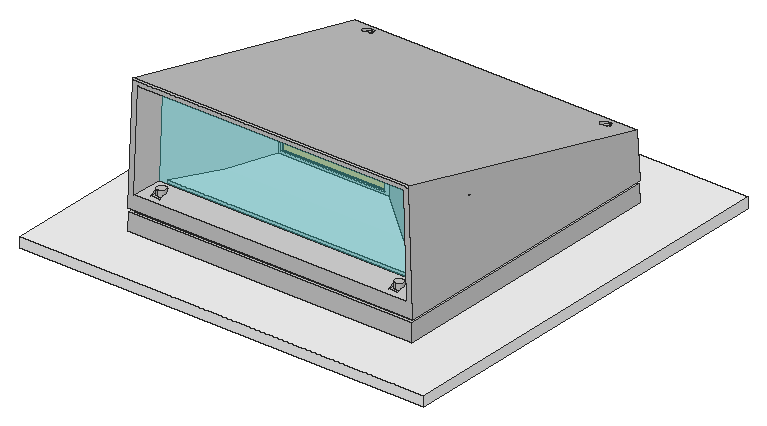
Revit family "BE_33243_de_DE", category Leuchten, Revit 2015
Parameters (values of type "BEGA_33243_Silber_K4")
  built-in parameter 1150104 = 12.045 (stored number, unit not read)
  Wattage = 42.5 W
  Default Elevation = 0 mm
  built-in parameter 1150113 = 1 (stored number, unit not read)
  built-in parameter 1114218 = 1 (stored number, unit not read)
  Umgebungstemperatur = "25 °C"
  URL = "http://www.bega.de/produkt/33243"
  Typenkommentare = "© 2016 BEGA. Wir behalten uns das Recht vor, technische Änderungen ohne vorherige Ankündigung vorzunehmen."  # constant formula
  Type Image = 33243.png
  built-in parameter 1150134 = 12
  built-in parameter 1150109 = 1 (stored number, unit not read)
  Strom = ""
  built-in parameter 1150110 = 1 (stored number, unit not read)
  Spannung = 239.996 V
  Sonderanfertigung = no
  Seriennummer [instance] = "Hier können Sie die eindeutige Seriennummer für das Facility Management eintragen."
  Schutzklasse = "I"
  Schutzart = "IP 65"
  Scheinlast = 0 VA
  Produktdatenblatt = "http://www.bega.de/download/Xrfa/db/33243.db.de.pdf"
  Oberflächentemperatur = ""
  Neigungswinkel = 0.00°
  Modell = "33243AK4"
  Material_18 = BEGA_Gummi_schwarz
  Material_17 = BEGA_Reflektor
  Material_15 = BEGA_Leuchtmedium_matt
  Material_11 = BEGA_Glas_opal
  Material_09 = BEGA_Glas_klar
  Material_06 = BEGA_Oberfläche_Edelstahl_gebürstet
  Material_03 = BEGA_Oberfläche_Weiss_matt
  Material_02 = BEGA_Oberfläche_Silber_matt
  Material_01 [instance] = BEGA_Oberfläche_Grafit_matt
  M_W = no
  M_G = no
  M_A = yes
  Logo = 0
  built-in parameter 1114217 = 1 (stored number, unit not read)
  built-in parameter 1150139 = (empty or 0)
  built-in parameter 1150105 = 438.48 (stored number, unit not read)
  built-in parameter 1150114 = 1 (stored number, unit not read)
  Lumens = 5510.12 lm
  built-in parameter 1150115 = 1 (stored number, unit not read)
  Leuchtenlichtstrom = "4106 lm"
  Leuchtenanzahl = ""
  Lebensdauerkriterien = "L70 = 50.000 h"
  Lastklassifizierung = Beleuchtung
  built-in parameter 1150112 = 1 (stored number, unit not read)
  Lampenlichtstrom = "5510 lm"
  Lampe = "LED 42.5 W"
  LED_Modulbezeichnung = "LED-0315/840"
  built-in parameter 1150142 = (empty or 0)
  Hersteller = "BEGA"  # constant formula
  Halbstreuwinkel = ""
  Gewicht = "3.85 kg"
  Gebrauchslageneinschränkung [instance] = ""
  Frequenz = "0/50-60 Hz"
  Farbwiedergabeindex = "Ra > 80"
  Farbtemperaturverschiebung bei Dämpfen der Lampe = <Keine Auswahl>
  Farbtemperatur = "4000 K"
  Color Filter = 16777215
  built-in parameter 1150133 = 10 (stored number, unit not read)
  Energieeffizienzklasse = "LED A++ - A"
  built-in parameter 1150137 = (empty or 0)
  built-in parameter 1150132 = (empty or 0)
  ENEC = ""
  Dimmbar [instance] = "DALI"
  Datei für fotometrisches Netz = "BE_33243K4.IES"
  CE_Konformität = "ja"
  Bestellnummer = "33243AK4"
  Beschreibung_Sonderanfertigung = "Hier können Sie Informationen zur Sonderanfertigung eintragen."
  Beschreibung = "Wandleuchte"
  built-in parameter 1150106 = 4.3848 (stored number, unit not read)
  Befestigungsbohrung = "Ø 5 mm"
  Befestigungsabstand = "240 mm"
  Ballwurfsicher = ""
  BEGA_Intern_aus = yes
  BEGA_Intern_an = yes
  BEGA_Intern_Konstruktion = yes
  BEGA_Intern = yes
  BEGA_IES = yes
  BEGA_Dummy = no
  Anschlussleitung = ""
  Anschlussleistung [instance] = "48 W"
  built-in parameter 1150107 = 4000 (stored number, unit not read)
  built-in parameter 1150102 = (empty or 0)
  built-in parameter 1150138 = (empty or 0)
  Aktualisierung = "2016-11-14T04:14:35"
  Abstand_zur_angestrahlten_Fläche [instance] = ""
  AC/DC = "AC/DC"
Types (4, lengths in mm): name | built-in parameter 1150104 | built-in parameter 1150134 | Modell | M_G | M_A | built-in parameter 1150105 | Lumens | Leuchtenlichtstrom | Lampenlichtstrom | LED_Modulbezeichnung | Farbtemperatur | Datei für fotometrisches Netz | Bestellnummer | built-in parameter 1150106 | built-in parameter 1150107
  BEGA_33243_Grafit_K4 | 12.045 (stored number, unit not read) | 12 | "33243K4" | yes | no | 438.48 (stored number, unit not read) | 5510.12 lm | "4106 lm" | "5510 lm" | "LED-0315/840" | "4000 K" | "BE_33243K4.IES" | "33243K4" | 4.3848 (stored number, unit not read) | 4000 (stored number, unit not read)
  BEGA_33243_Grafit_K3 | 11.214 (stored number, unit not read) | (empty or 0) | "33243" | yes | no | 408.25 (stored number, unit not read) | 5130.17 lm | "3823 lm" | "5130 lm" | "LED-0315/830" | "3000 K" | "BE_33243.IES" | "33243" | 4.0825 (stored number, unit not read) | 3000 (stored number, unit not read)
  BEGA_33243_Silber_K3 | 11.214 (stored number, unit not read) | (empty or 0) | "33243A" | no | yes | 408.25 (stored number, unit not read) | 5130.17 lm | "3823 lm" | "5130 lm" | "LED-0315/830" | "3000 K" | "BE_33243.IES" | "33243A" | 4.0825 (stored number, unit not read) | 3000 (stored number, unit not read)
  BEGA_33243_Silber_K4 | 12.045 (stored number, unit not read) | 12 | "33243AK4" | no | yes | 438.48 (stored number, unit not read) | 5510.12 lm | "4106 lm" | "5510 lm" | "LED-0315/840" | "4000 K" | "BE_33243K4.IES" | "33243AK4" | 4.3848 (stored number, unit not read) | 4000 (stored number, unit not read)
Reference planes
  plane 1 "Mitte (Vorne/Hinten)": y = 0
  plane 2: z = 0
  plane 3 "Mitte (Links/Rechts)": x = 0
  plane 4 "Links": x = -140.75
  plane 5 "Rechts": x = 140.75
  plane 6 "Unten": y = -140.69
  plane 7 "Oben": y = 140.69
  plane 8 "Vorne": z = 136.287
  plane 9 "Hinten": z = 0
Forms (mm)
  Extrusion 1, solid, material "BEGA_Platte_Weiss"
    sketch origin (0, -1119.2, 0) x (1, 0, 0) y (0, 1, 0)
      loop
        line (-200, 1319.2) -> (-200, 919.2) -> (200, 919.2) -> (200, 1319.2) -> (-200, 1319.2)
    from 0 to -10
  Extrusion 2, solid, material "BEGA_Dummy_matt", visible <- "BEGA_Dummy"
    sketch origin (80.095, -76.023, 0) x (1, 0, 0) y (0, 1, 0)
      loop
        line (-220.845, 216.713) -> (-220.845, -64.667) -> (60.655, -64.667) -> (60.655, 216.713) -> (-220.845, 216.713)
    from 0 to 136.287
Dimensions and locks
  plane 1 "Mitte (Vorne/Hinten)" to Extrusion 1 = 200 mm
  aligned and locked: plane 2 to Extrusion 1
  aligned and locked: level to Extrusion 1
Nested families
  nested 1: "BE_33243" at (0, 0, 0) x (0, 1, 0) z (0, 0, 1), type "BE_33243"
Connectors
  electrical at (0, 0, 0), driven by "Lastklassifizierung", driven by "Spannung", driven by "Scheinlast"
    settings: index 1, voltage 239.996 V, apparent load 0 VA, apparent load phase1 0 VA, apparent load phase2 0 VA, apparent load phase3 0 VA, power factor 1, load classification "Beleuchtung", number of poles 1, system type 31, power factor state 1, is connector primary yes, connector utility no, sub classification motor no, connector description ""
Definition of nested family "BE_33243"
  Parameters (values of type "BE_33243")
    Default Elevation = 1 mm
    URL = "http://www.bega.de/de/produkt"
    Type Comments = "© 2015 BEGA. Wir behalten uns das Recht vor, technische Änderungen ohne vorherige Ankündigung vorzunehmen. "  # constant formula
    Type Image = (empty or 0)
    Material_18 = none
    Material_17 = none
    Material_15 = none
    Material_11 = none
    Material_09 = none
    Material_06 = none
    Material_03 = none
    Material_02 = none
    Material_01 = none
    M_W = yes
    M_G = yes
    M_A = yes
    Länge_Platte = 400 mm  # constant formula
    Höhe_Platte = -10 mm  # constant formula
    Manufacturer = "BEGA"  # constant formula
    Breite_Platte = 400 mm  # constant formula
  Reference planes
    plane 1 "Mitte (Oben/Unten)": y = 0
    plane 2: z = 0
    plane 3 "Mitte (Links/Rechts)": x = 0
    plane 4: x = -140.69
    plane 5: z = 136.287
    plane 6: x = 140.69
    plane 7: y = 140.69
    plane 8: y = -140.69
  Forms (mm)
    Extrusion 1, solid, detail levels medium
      sketch origin (0, 0, 0) x (1, 0, 0) y (0, 1, 0)
        loop
          line (-200, 200) -> (-200, -200) -> (200, -200) -> (200, 200) -> (-200, 200)
      from 0 to -10 <- "Höhe_Platte"
    Extrusion 2, solid, material <- "Material_01", visible <- "M_G", detail levels medium+fine
      sketch origin (0, 0, 0) x (1, 0, 0) y (0, 0, 1)
        loop
          line (-140, 20.076) -> (140, 20.076) -> (138.429, 65.076) -> (-138.751, 136.255)
          arc (-138.751, 136.255) -> (-139.613, 136.077) -> (-140, 135.287) r 1
          line (-140, 135.287) -> (-140, 20.076)
      from -140.75 to 140.75
    Sweep 3, solid, material <- "Material_01", visible <- "M_G", detail levels medium+fine
      path origin (0, 0, 0) x (1, 0, 0) y (0, 1, 0)
        loop
          line (140.69, -140.69) -> (140.69, 140.69) -> (-140.69, 140.69) -> (-140.69, -140.69) -> (140.69, -140.69)
      profile origin (140.69, 0, 0) x (-1, 0, 0) y (0, 0, 1)
        loop
          line (0, 0) -> (2.417, 0) -> (3.187, 11) -> (51.69, 11) -> (51.69, 13.8) -> (17.671, 13.8) -> (17.354, 22.894) -> (4.246, 22.894) -> (4.034, 16.8) -> (0.587, 16.8) -> (0, 0)
    Extrusion 4, void
      sketch origin (0, 0, 0) x (1, 0, 0) y (0, 1, 0)
        loop
          circle (30, 120) r 8.5
        loop
          circle (55.5, 120) r 8.5
        loop
          circle (0, 120) r 5
        loop
          circle (0, -120) r 5
      from 0 to 22.894
    Extrusion 5, void
      sketch origin (0, 0, 0) x (0, 1, 0) y (0, 0, 1)
        loop
          line (-141.388, 1.819) -> (-136.388, 145) -> (-141.388, 145) -> (-141.388, 1.819)
        loop
          line (141.388, 1.819) -> (141.388, 145) -> (136.388, 145) -> (141.388, 1.819)
      from -143.18 to 143.793
    Blend 6, void
      base sketch origin (0, 0, 0) x (0, 1, 0) y (0, 0, 1)
        loop
          line (123.277, 119.287) -> (-123.277, 119.287) -> (-126.001, 41.287) -> (126.001, 41.287) -> (123.277, 119.287)
      top sketch origin (0, 0, 0) x (0, 1, 0) y (0, 0, 1)
        loop
          line (131.828, 132.287) -> (-131.828, 132.287) -> (-135.286, 33.287) -> (135.286, 33.287) -> (131.828, 132.287)
      from -118.675 to -141.282
    Extrusion 7, void
      sketch origin (0, 0, 0) x (1, 0, 0) y (0, 0, 1)
        loop
          line (-120.033, 128.867) -> (-120.033, 16.8) -> (122.367, 16.8) -> (122.367, 66.62) -> (-120.033, 128.867)
      from -135.688 to 135.892
    Extrusion 8, solid, material <- "Material_01", visible <- "M_G", detail levels medium+fine
      sketch origin (0, 0, 0) x (1, 0, 0) y (0, 0, 1)
        loop
          line (-89, 13.8) -> (-89, 11) -> (89, 11) -> (89, 13.8) -> (-89, 13.8)
      from -89 to 89
    Extrusion 9, solid, material <- "Material_09", detail levels medium+fine
      sketch origin (0, 0, 0) x (1, 0, 0) y (0, 0, 1)
        loop
          line (-119.919, 36.9) -> (-115.445, 36.9) -> (-115.445, 126.9) -> (-119.919, 126.9) -> (-119.919, 36.9)
      from -128.291 to 128.295
    Extrusion 10, solid
      sketch origin (0, 0, 0) x (1, 0, 0) y (0, 0, 1)
        loop
          line (-113.048, 123.792) -> (-113.101, 120.792)
          arc (-113.101, 120.792) -> (-86.766, 109.661) -> (-62.554, 94.456) r 177.895
          line (-62.554, 94.456) -> (-62.554, 65.609)
          arc (-62.554, 65.609) -> (-86.766, 50.403) -> (-113.101, 39.273) r 177.895
          line (-113.101, 39.273) -> (-113.048, 36.273) -> (-112.229, 36.273) -> (-112.229, 38.704)
          arc (-112.229, 38.704) -> (-85.935, 49.901) -> (-61.772, 65.164) r 177.895
          line (-61.772, 65.164) -> (-61.772, 94.901)
          arc (-61.772, 94.901) -> (-85.935, 110.164) -> (-112.229, 121.36) r 177.895
          line (-112.229, 121.36) -> (-112.229, 123.792) -> (-113.048, 123.792)
      from -135.688 to 135.892
    Extrusion 11, solid
      sketch origin (0, 0, 0) x (1, 0, 0) y (0, 1, 0)
        loop
          line (-60.25, -51.437) -> (-117.777, -130.437) -> (-117.154, -131.06) -> (-60.25, -52.915) -> (-60.25, -51.437)
        loop
          line (-60.25, 51.437) -> (-60.25, 52.915) -> (-117.154, 131.06) -> (-117.777, 130.437) -> (-60.25, 51.437)
      from 33.741 to 122.182
    Extrusion 12, void
      sketch origin (0, 0, 0) x (1, 0, 0) y (0, 0, 1)
        loop
          line (-110.905, 123.699) -> (-59.697, 96.471) -> (-59.697, 123.699) -> (-110.905, 123.699)
      from -104.078 to 106.602
    Extrusion 13, void
      sketch origin (0, 0, 0) x (1, 0, 0) y (0, 1, 0)
        loop
          line (-56.776, 51.437) -> (-65.494, 51.437) -> (-65.494, -51.437) -> (-56.776, -51.437) -> (-56.776, 51.437)
      from 68.287 to 91.919
    Extrusion 14, solid, material <- "Material_15", detail levels medium+fine
      sketch origin (0, 0, 0) x (1, 0, 0) y (0, 1, 0)
        loop
          line (-61.568, -50.102) -> (-60.485, -50.102) -> (-60.485, 50) -> (-61.568, 50) -> (-61.568, -50.102)
      from 69.509 to 90.812
    Extrusion 15, void
      sketch origin (0, 0, 0) x (1, 0, 0) y (0, 1, 0)
        loop
          arc (-127.853, 112.851) -> (-123.204, 117.5) -> (-127.853, 122.149) r 4.649
          line (-127.853, 122.149) -> (-141.936, 122.149) -> (-141.936, 112.851) -> (-127.853, 112.851)
        loop
          line (-127.853, -112.851) -> (-141.936, -112.851) -> (-141.936, -122.149) -> (-127.853, -122.149)
          arc (-127.853, -122.149) -> (-123.204, -117.5) -> (-127.853, -112.851) r 4.649
      from 35.372 to 44.744
    Extrusion 16, solid, material <- "Material_06", detail levels fine
      sketch origin (0, 0, 0) x (1, 0, 0) y (0, 1, 0)
        loop
          circle (-127.831, -117.5) r 4.25
        loop
          circle (-127.831, 117.5) r 4.25
      from 35.372 to 40.369
    Revolve 17, void
      sketch origin (0, 117.5, 0) x (1, 0, 0) y (0, 0, 1)
        loop
          line (122.883, 69.651) -> (123.2, 60.576) -> (127.8, 60.576) -> (127.8, 68.388) -> (122.883, 69.651)
        axis (127.8, 69.651) -> (127.8, 60.576)
      angle from 0 to 360
    Revolve 18, void
      sketch origin (0, -117.5, 0) x (1, 0, 0) y (0, 0, -1)
        loop
          line (122.883, -69.651) -> (127.8, -68.388) -> (127.8, -60.576) -> (123.2, -60.576) -> (122.883, -69.651)
        axis (127.8, -69.651) -> (127.8, -60.576)
      angle from 0 to 360
    Extrusion 19, solid, material <- "Material_06", detail levels fine
      sketch origin (0, 0, 0) x (1, 0, 0) y (0, 1, 0)
        loop
          circle (127.8, 117.5) r 4.25
        loop
          circle (127.8, -117.5) r 4.25
      from 60.576 to 65.576
    Sweep 20, solid, material <- "Material_02", visible <- "M_A", detail levels medium+fine
      path origin (0, 0, 0) x (1, 0, 0) y (0, 1, 0)
        loop
          line (140.69, -140.69) -> (140.69, 140.69) -> (-140.69, 140.69) -> (-140.69, -140.69) -> (140.69, -140.69)
      profile origin (140.69, 0, 0) x (-1, 0, 0) y (0, 0, 1)
        loop
          line (0, 0) -> (2.417, 0) -> (3.187, 11) -> (51.69, 11) -> (51.69, 13.8) -> (17.671, 13.8) -> (17.354, 22.894) -> (4.246, 22.894) -> (4.034, 16.8) -> (0.587, 16.8) -> (0, 0)
    Extrusion 21, solid, material <- "Material_02", visible <- "M_A", detail levels medium+fine
      sketch origin (0, 0, 0) x (1, 0, 0) y (0, 0, 1)
        loop
          line (-89, 13.8) -> (-89, 11) -> (89, 11) -> (89, 13.8) -> (-89, 13.8)
      from -89 to 89
    Extrusion 22, solid, material <- "Material_02", visible <- "M_A", detail levels medium+fine
      sketch origin (0, 0, 0) x (1, 0, 0) y (0, 0, 1)
        loop
          line (-140, 20.076) -> (140, 20.076) -> (138.429, 65.076) -> (-138.751, 136.255)
          arc (-138.751, 136.255) -> (-139.613, 136.077) -> (-140, 135.287) r 1
          line (-140, 135.287) -> (-140, 20.076)
      from -140.75 to 140.75
  Cuts and joins
    Extrusion 4, Extrusion 5, Blend 6, Extrusion 7, Extrusion 13, Extrusion 15, Revolve 17, Revolve 18 cuts Extrusion 2
    Extrusion 4, Extrusion 7, Extrusion 13, Extrusion 15 cuts Sweep 3
    Extrusion 13, Extrusion 15 cuts Extrusion 8
    joined: Sweep 3, Extrusion 8
    Extrusion 12, Extrusion 13 cuts Extrusion 10
    Extrusion 12, Extrusion 13 cuts Extrusion 11
    joined: Extrusion 10, Extrusion 11
    Extrusion 4 cuts Sweep 20
    Extrusion 4 cuts Extrusion 21
    joined: Sweep 20, Extrusion 21
    Extrusion 5, Blend 6, Extrusion 7, Extrusion 15, Revolve 17, Revolve 18 cuts Extrusion 22
  Dimensions and locks
    equal spacing: Extrusion 1 sketch curve, plane 3 "Mitte (Links/Rechts)", Extrusion 1 sketch curve
    equal spacing: Extrusion 1 sketch curve, plane 1 "Mitte (Oben/Unten)", Extrusion 1 sketch curve
    "Länge_Platte": Extrusion 1 sketch curve to Extrusion 1 sketch curve
    "Breite_Platte": Extrusion 1 sketch curve to Extrusion 1 sketch curve
    aligned and locked: Extrusion 1 to plane 2
    aligned and locked: level to Extrusion 1
  Automatic sketch dimensions
    level to Extrusion 2 sketch curve = 20.076 mm
    Extrusion 2 sketch curve to plane 3 "Mitte (Links/Rechts)" = 140 mm
    Extrusion 2 sketch curve to Extrusion 2 sketch curve = 1 mm
    level to Extrusion 2 sketch curve = 65.076 mm
    plane 3 "Mitte (Links/Rechts)" to Extrusion 2 sketch curve = 138.429 mm
    Extrusion 2 sketch curve to Extrusion 2 sketch curve = 1.571 mm
    Extrusion 2 sketch curve to Extrusion 2 sketch curve = 115.211 mm
    Extrusion 2 sketch curve to Extrusion 2 sketch curve = 0.249 mm
    Extrusion 2 sketch curve to Extrusion 2 sketch curve = 0 mm  (x2)
    Sweep 3 sketch curve to plane 3 "Mitte (Links/Rechts)" = 140.69 mm
    plane 3 "Mitte (Links/Rechts)" to Sweep 3 sketch curve = 140.69 mm
    plane 1 "Mitte (Oben/Unten)" to Sweep 3 sketch curve = 140.69 mm
    Sweep 3 sketch curve to plane 1 "Mitte (Oben/Unten)" = 140.69 mm
    Sweep 3 sketch curve to level = 0 mm
    Sweep 3 sketch curve to profile plane = 0 mm
    Sweep 3 sketch curve to profile plane = 0.587 mm
    Sweep 3 sketch curve to profile plane = 2.417 mm
    Sweep 3 sketch curve to profile plane = 3.187 mm
    Sweep 3 sketch curve to Sweep 3 sketch curve = 3.447 mm
    Sweep 3 sketch curve to profile plane = 4.246 mm
    Sweep 3 sketch curve to Sweep 3 sketch curve = 13.107 mm
    Sweep 3 sketch curve to Sweep 3 sketch curve = 0.317 mm
    level to Sweep 3 sketch curve = 11 mm
    Sweep 3 sketch curve to Sweep 3 sketch curve = 34.019 mm
    Sweep 3 sketch curve to Sweep 3 sketch curve = 2.8 mm
    Sweep 3 sketch curve to Sweep 3 sketch curve = 5.8 mm
    Sweep 3 sketch curve to Sweep 3 sketch curve = 6.094 mm
    Extrusion 4 sketch curve to plane 3 "Mitte (Links/Rechts)" = 0 mm  (x2)
    Extrusion 4 sketch curve to Extrusion 4 sketch curve = 30 mm
    Extrusion 4 sketch curve to Extrusion 4 sketch curve = 25.5 mm
    plane 1 "Mitte (Oben/Unten)" to Extrusion 4 sketch curve = 120 mm
    Extrusion 4 sketch curve to plane 1 "Mitte (Oben/Unten)" = 120 mm
    Extrusion 4 sketch curve to Extrusion 4 sketch curve = 0 mm  (x2)
    level to Extrusion 5 sketch curve = 1.819 mm  (x2)
    plane 1 "Mitte (Oben/Unten)" to Extrusion 5 sketch curve = 141.388 mm
    Extrusion 5 sketch curve to Extrusion 5 sketch curve = 5 mm
    Extrusion 5 sketch curve to plane 1 "Mitte (Oben/Unten)" = 136.388 mm
    Extrusion 5 sketch curve to plane 1 "Mitte (Oben/Unten)" = 141.388 mm
    Extrusion 5 sketch curve to Extrusion 5 sketch curve = 143.181 mm  (x2)
    level to Blend 6 sketch curve = 41.287 mm
    plane 1 "Mitte (Oben/Unten)" to Blend 6 sketch curve = 126.001 mm
    Blend 6 sketch curve to Blend 6 sketch curve = 2.724 mm  (x2)
    Blend 6 sketch curve to plane 1 "Mitte (Oben/Unten)" = 123.277 mm
    Blend 6 sketch curve to Blend 6 sketch curve = 78 mm
    level to Blend 6 sketch curve = 33.287 mm
    plane 1 "Mitte (Oben/Unten)" to Blend 6 sketch curve = 135.286 mm
    Blend 6 sketch curve to Blend 6 sketch curve = 3.457 mm  (x2)
    Blend 6 sketch curve to plane 1 "Mitte (Oben/Unten)" = 131.828 mm
    Blend 6 sketch curve to Blend 6 sketch curve = 99 mm
    level to Extrusion 7 sketch curve = 16.8 mm
    Extrusion 7 sketch curve to plane 3 "Mitte (Links/Rechts)" = 120.033 mm
    plane 3 "Mitte (Links/Rechts)" to Extrusion 7 sketch curve = 122.367 mm
    Extrusion 7 sketch curve to Extrusion 7 sketch curve = 49.82 mm
    Extrusion 7 sketch curve to Extrusion 7 sketch curve = 112.067 mm
    level to Extrusion 8 sketch curve = 11 mm
    Extrusion 8 sketch curve to plane 3 "Mitte (Links/Rechts)" = 89 mm
    plane 3 "Mitte (Links/Rechts)" to Extrusion 8 sketch curve = 89 mm
    Extrusion 8 sketch curve to Extrusion 8 sketch curve = 2.8 mm
    Extrusion 9 sketch curve to plane 3 "Mitte (Links/Rechts)" = 119.919 mm
    Extrusion 9 sketch curve to Extrusion 9 sketch curve = 4.474 mm
    level to Extrusion 9 sketch curve = 36.9 mm
    Extrusion 9 sketch curve to Extrusion 9 sketch curve = 90 mm
    Extrusion 10 sketch curve to plane 3 "Mitte (Links/Rechts)" = 168.967 mm  (x2)
    Extrusion 10 sketch curve to level = 48.103 mm
    Extrusion 10 sketch curve to Extrusion 10 sketch curve = 0.416 mm  (x2)
    Extrusion 10 sketch curve to Extrusion 10 sketch curve = 55.45 mm
    level to Extrusion 10 sketch curve = 39.273 mm
    Extrusion 10 sketch curve to Extrusion 10 sketch curve = 0 mm
    Extrusion 10 sketch curve to Extrusion 10 sketch curve = 0.052 mm  (x2)
    level to Extrusion 10 sketch curve = 36.273 mm
    Extrusion 10 sketch curve to Extrusion 10 sketch curve = 0.819 mm
    Extrusion 10 sketch curve to Extrusion 10 sketch curve = 0.871 mm
    Extrusion 10 sketch curve to Extrusion 10 sketch curve = 49.675 mm
    Extrusion 10 sketch curve to Extrusion 10 sketch curve = 0.782 mm
    Extrusion 10 sketch curve to Extrusion 10 sketch curve = 0.72 mm
    Extrusion 10 sketch curve to Extrusion 10 sketch curve = 0.569 mm
    Extrusion 10 sketch curve to Extrusion 10 sketch curve = 26.459 mm
    Extrusion 10 sketch curve to Extrusion 10 sketch curve = 0.446 mm  (x2)
    Extrusion 10 sketch curve to Extrusion 10 sketch curve = 28.847 mm
    Extrusion 10 sketch curve to Extrusion 10 sketch curve = 2.431 mm
    Extrusion 11 sketch curve to plane 3 "Mitte (Links/Rechts)" = 117.777 mm  (x2)
    Extrusion 11 sketch curve to Extrusion 11 sketch curve = 0.623 mm  (x4)
    Extrusion 11 sketch curve to plane 3 "Mitte (Links/Rechts)" = 60.25 mm  (x2)
    plane 1 "Mitte (Oben/Unten)" to Extrusion 11 sketch curve = 131.06 mm
    plane 1 "Mitte (Oben/Unten)" to Extrusion 11 sketch curve = 52.915 mm
    Extrusion 11 sketch curve to Extrusion 11 sketch curve = 1.479 mm  (x2)
    Extrusion 11 sketch curve to plane 1 "Mitte (Oben/Unten)" = 51.437 mm
    Extrusion 11 sketch curve to Extrusion 11 sketch curve = 77.521 mm
    Extrusion 12 sketch curve to plane 3 "Mitte (Links/Rechts)" = 110.905 mm
    Extrusion 12 sketch curve to Extrusion 12 sketch curve = 51.208 mm
    level to Extrusion 12 sketch curve = 96.471 mm
    Extrusion 12 sketch curve to Extrusion 12 sketch curve = 27.228 mm
    Extrusion 13 sketch curve to plane 3 "Mitte (Links/Rechts)" = 65.494 mm
    Extrusion 13 sketch curve to Extrusion 13 sketch curve = 8.718 mm
    plane 1 "Mitte (Oben/Unten)" to Extrusion 13 sketch curve = 51.437 mm
    Extrusion 13 sketch curve to plane 1 "Mitte (Oben/Unten)" = 51.437 mm
    Extrusion 14 sketch curve to plane 3 "Mitte (Links/Rechts)" = 61.568 mm
    Extrusion 14 sketch curve to Extrusion 14 sketch curve = 1.083 mm
    plane 1 "Mitte (Oben/Unten)" to Extrusion 14 sketch curve = 50.102 mm
    Extrusion 14 sketch curve to plane 1 "Mitte (Oben/Unten)" = 50 mm
    Extrusion 15 sketch curve to plane 3 "Mitte (Links/Rechts)" = 141.936 mm  (x2)
    Extrusion 15 sketch curve to Extrusion 15 sketch curve = 14.083 mm  (x2)
    plane 1 "Mitte (Oben/Unten)" to Extrusion 15 sketch curve = 122.149 mm
    Extrusion 15 sketch curve to Extrusion 15 sketch curve = 4.649 mm  (x2)
    Extrusion 15 sketch curve to plane 1 "Mitte (Oben/Unten)" = 112.851 mm
    Extrusion 15 sketch curve to Extrusion 15 sketch curve = 0 mm
    Extrusion 16 sketch curve to plane 3 "Mitte (Links/Rechts)" = 127.831 mm  (x2)
    plane 1 "Mitte (Oben/Unten)" to Extrusion 16 sketch curve = 117.5 mm
    Extrusion 16 sketch curve to plane 1 "Mitte (Oben/Unten)" = 117.5 mm
    plane 3 "Mitte (Links/Rechts)" to Revolve 17 sketch curve = 122.883 mm
    level to Revolve 17 sketch curve = 60.576 mm
    Revolve 17 sketch curve to Revolve 17 sketch curve = 0.317 mm
    Revolve 17 sketch curve to Revolve 17 sketch curve = 4.917 mm
    Revolve 17 sketch curve to Revolve 17 sketch curve = 7.812 mm
    Revolve 17 sketch curve to Revolve 17 sketch curve = 1.263 mm
    Revolve 17 sketch curve to Revolve 17 sketch curve = 0 mm  (x3)
    plane 3 "Mitte (Links/Rechts)" to Revolve 18 sketch curve = 122.883 mm
    level to Revolve 18 sketch curve = 60.576 mm
    Revolve 18 sketch curve to Revolve 18 sketch curve = 0.317 mm
    Revolve 18 sketch curve to Revolve 18 sketch curve = 4.917 mm
    Revolve 18 sketch curve to Revolve 18 sketch curve = 7.812 mm
    Revolve 18 sketch curve to Revolve 18 sketch curve = 1.263 mm
    Revolve 18 sketch curve to Revolve 18 sketch curve = 0 mm  (x3)
    plane 3 "Mitte (Links/Rechts)" to Extrusion 19 sketch curve = 127.8 mm  (x2)
    plane 1 "Mitte (Oben/Unten)" to Extrusion 19 sketch curve = 117.5 mm
    Extrusion 19 sketch curve to plane 1 "Mitte (Oben/Unten)" = 117.5 mm
    Sweep 20 sketch curve to plane 3 "Mitte (Links/Rechts)" = 140.69 mm
    plane 3 "Mitte (Links/Rechts)" to Sweep 20 sketch curve = 140.69 mm
    plane 1 "Mitte (Oben/Unten)" to Sweep 20 sketch curve = 140.69 mm
    Sweep 20 sketch curve to plane 1 "Mitte (Oben/Unten)" = 140.69 mm
    Sweep 20 sketch curve to level = 0 mm
    Sweep 20 sketch curve to profile plane = 0 mm
    Sweep 20 sketch curve to profile plane = 0.587 mm
    Sweep 20 sketch curve to profile plane = 2.417 mm
    Sweep 20 sketch curve to profile plane = 3.187 mm
    Sweep 20 sketch curve to Sweep 20 sketch curve = 3.447 mm
    Sweep 20 sketch curve to profile plane = 4.246 mm
    Sweep 20 sketch curve to Sweep 20 sketch curve = 13.107 mm
    Sweep 20 sketch curve to Sweep 20 sketch curve = 0.317 mm
    level to Sweep 20 sketch curve = 11 mm
    Sweep 20 sketch curve to Sweep 20 sketch curve = 34.019 mm
    Sweep 20 sketch curve to Sweep 20 sketch curve = 2.8 mm
    Sweep 20 sketch curve to Sweep 20 sketch curve = 5.8 mm
    Sweep 20 sketch curve to Sweep 20 sketch curve = 6.094 mm
    level to Extrusion 21 sketch curve = 11 mm
    Extrusion 21 sketch curve to plane 3 "Mitte (Links/Rechts)" = 89 mm
    plane 3 "Mitte (Links/Rechts)" to Extrusion 21 sketch curve = 89 mm
    Extrusion 21 sketch curve to Extrusion 21 sketch curve = 2.8 mm
    level to Extrusion 22 sketch curve = 20.076 mm
    Extrusion 22 sketch curve to plane 3 "Mitte (Links/Rechts)" = 140 mm
    Extrusion 22 sketch curve to Extrusion 22 sketch curve = 1 mm
    level to Extrusion 22 sketch curve = 65.076 mm
    plane 3 "Mitte (Links/Rechts)" to Extrusion 22 sketch curve = 138.429 mm
    Extrusion 22 sketch curve to Extrusion 22 sketch curve = 1.571 mm
    Extrusion 22 sketch curve to Extrusion 22 sketch curve = 115.211 mm
    Extrusion 22 sketch curve to Extrusion 22 sketch curve = 0.249 mm
    Extrusion 22 sketch curve to Extrusion 22 sketch curve = 0 mm  (x2)
    radius of Extrusion 4 sketch curve = 8.5 mm  (x2)
    radius of Extrusion 4 sketch curve = 5 mm  (x2)
    radius of Extrusion 16 sketch curve = 4.25 mm  (x2)
    radius of Extrusion 19 sketch curve = 4.25 mm  (x2)
